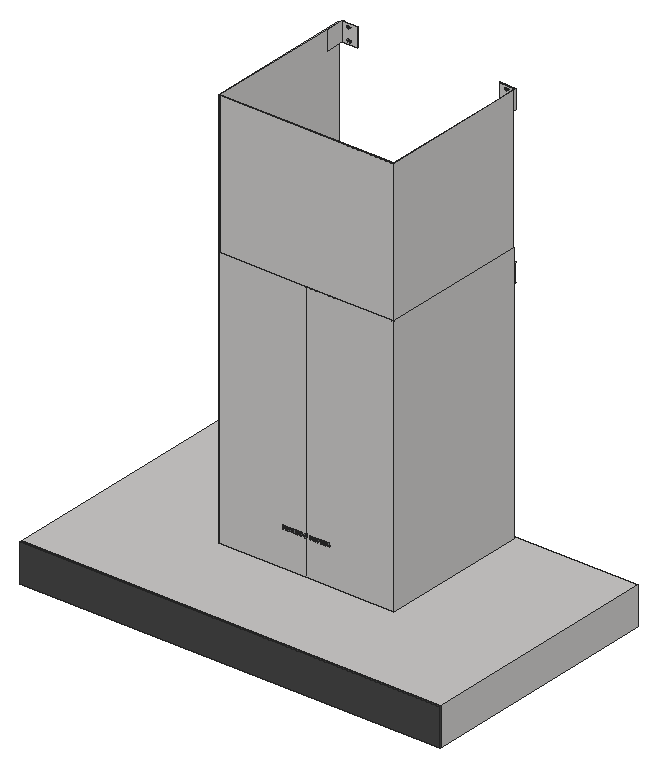
Revit family "FP-en-Revit19-HC90BCX3-Rangehood-0-90003188A-HK-SG", category Specialty Equipment, Revit 2019
Family settings
  Round Connector Dimension = Use Diameter
  Part Type = Normal
  OmniClass Number = 23.40.40.00
  OmniClass Title = Food Service Equipment and Furnishings
  Work Plane-Based = No
  Always vertical = Yes
  Cut with Voids When Loaded = Yes
  Shared = No
  Room Calculation Point = No
Parameters
  Visibility - Upper Chimney Extension [instance] = yes
  URL = "www.fisherpaykel.com"
  Product - Width = 895 mm  # constant formula
  Product - Height (620mm - 935mm) [instance] = 935 mm
  Product - Depth = 531 mm  # constant formula
  Model = "HC90BCX3"
  Material - Glass = Fisher & Paykel - Black
  Material - Body = Fisher & Paykel - Stainless Steel
  Manufacturer = "Fisher & Paykel Appliances"
  FFL Offset [instance] = 1565 mm
  Description = "90cm Rangehood"
  Connector Description - Extraction = "180mm Semi Rigid Rangehood Ducting, 650Pa"
  Connector Description - Electrical = "220 V, 50 Hz,  222 W"
  Chassis - Width = 375 mm  # constant formula
  Chassis - Height = 635 mm  # constant formula
  Chassis - Depth = 327 mm  # constant formula
Reference planes
  plane 1 "Datum": y = 0
  plane 2: z = 0
  plane 3 "Center (Left/Right)": x = 0
  plane 4 "Product LHS": x = -447.5
  plane 5 "Product RHS": x = 447.5
  plane 6 "Cavity LHS": x = -187.5
  plane 7 "Cavity RHS": x = 187.5
  plane 8 "Chassis - Depth": y = -327
  plane 9 "FFL Offset": z = 1565
  plane 10 "Product - Height": z = 2500
  plane 11 "Product - Depth": y = -531
  plane 12 "Angle": through (4267.2, -188.091, 1674.974) normal (0, 0.9962, -0.0872)
  plane 13 "Angle": through (4267.2, -188.091, 907.974) normal (0, 0.9962, -0.0872)
  plane 14 "Chassis - Height": z = 2200
Forms (mm)
  Extrusion 1, solid, material "Fisher & Paykel - Stainless Steel" <- "Material - Body"
    sketch origin (0, 0, 0) x (1, 0, 0) y (0, 1, 0)
      loop
        line (-167.5, -8) -> (-187.5, -8) -> (-187.5, -327) -> (0, -327) -> (187.5, -327) -> (187.5, -8) -> (167.5, -8) -> (167.5, -9) -> (186.5, -9) -> (186.5, -326) -> (-186.5, -326) -> (-186.5, -9) -> (-167.5, -9) -> (-167.5, -8)
    from 1645 to 2200
  Extrusion 2, solid, material "Fisher & Paykel - Stainless Steel" <- "Material - Body", visible <- "Visibility - Upper Chimney Extension"
    sketch origin (0, 0, 0) x (1, 0, 0) y (0, 1, 0)
      loop
        line (-185.5, -9) -> (-186.5, -9) -> (-186.5, -326) -> (186.5, -326) -> (186.5, -9) -> (185.5, -9) -> (185.5, -325.044) -> (-185.5, -325.044) -> (-185.5, -9)
    from 2141 to 2500
  Extrusion 3, solid, material "Fisher & Paykel - Stainless Steel" <- "Material - Body"
    sketch origin (0, 0, 0) x (1, 0, 0) y (0, 1, 0)
      loop
        line (185.5, -9) -> (-185.5, -9) -> (-185.5, -325.044) -> (185.5, -325.044) -> (185.5, -9)
    from 1645 to 2118
  Extrusion 4, solid, material "Fisher & Paykel - Stainless Steel" <- "Material - Body", detail levels medium+fine
    sketch origin (0, 0, 0) x (1, 0, 0) y (0, 1, 0)
      loop
        circle (-76.5, -135.5) r 92
      loop
        circle (-76.5, -135.5) r 90.782
    from 2174 to 2200
  Extrusion 5, solid, material "Fisher & Paykel - Stainless Steel" <- "Material - Body", detail levels medium+fine
    sketch origin (0, 0, 0) x (1, 0, 0) y (0, 0, 1)
      loop
        line (-185.5, 2500) -> (-185.5, 2460) -> (-150.9, 2460) -> (-150.9, 2500) -> (-185.5, 2500)
      loop
        arc (-170.646, 2495.75) -> (-173.396, 2493) -> (-170.646, 2490.25) r 2.75
        line (-170.646, 2490.25) -> (-166.162, 2490.25)
        arc (-166.162, 2490.25) -> (-163.412, 2493) -> (-166.162, 2495.75) r 2.75
        line (-166.162, 2495.75) -> (-170.646, 2495.75)
      loop
        arc (-170.646, 2469.75) -> (-173.396, 2467) -> (-170.646, 2464.25) r 2.75
        line (-170.646, 2464.25) -> (-166.162, 2464.25)
        arc (-166.162, 2464.25) -> (-163.412, 2467) -> (-166.162, 2469.75) r 2.75
        line (-166.162, 2469.75) -> (-170.646, 2469.75)
      loop
        line (185.5, 2500) -> (150.9, 2500) -> (150.9, 2460) -> (185.5, 2460) -> (185.5, 2500)
      loop
        line (170.646, 2495.75) -> (166.162, 2495.75)
        arc (166.162, 2495.75) -> (163.412, 2493) -> (166.162, 2490.25) r 2.75
        line (166.162, 2490.25) -> (170.646, 2490.25)
        arc (170.646, 2490.25) -> (173.396, 2493) -> (170.646, 2495.75) r 2.75
      loop
        line (170.646, 2469.75) -> (166.162, 2469.75)
        arc (166.162, 2469.75) -> (163.412, 2467) -> (166.162, 2464.25) r 2.75
        line (166.162, 2464.25) -> (170.646, 2464.25)
        arc (170.646, 2464.25) -> (173.396, 2467) -> (170.646, 2469.75) r 2.75
    from 1 to 0
  Extrusion 6, solid, material "Fisher & Paykel - Stainless Steel" <- "Material - Body"
    sketch origin (0, 0, 0) x (1, 0, 0) y (0, 1, 0)
      loop
        circle (8.657, -222.264) r 3
    from 2174 to 2200
  Extrusion 7, void
    sketch origin (0, 0, 0) x (0, 1, 0) y (0, 0, 1)
      loop
        line (-348.926, 1618.465) -> (-467.5, 1573) -> (-20.5, 1573) -> (-38.279, 1591.287) -> (-348.926, 1618.465)
    from -413 to 413
  Extrusion 8, solid, material "Fisher & Paykel - Stainless Steel" <- "Material - Body"
    sketch origin (0, 0, 0) x (0, 1, 0) y (0, 0, 1)
      loop
        line (-3, 1565) -> (-3, 1645) -> (-527, 1645) -> (-527, 1565) -> (-3, 1565)
    from -447.5 to 447.5
  Extrusion 9, solid, material "Fisher & Paykel - Black" <- "Material - Glass", detail levels medium+fine
    sketch origin (0, 0, 567) x (0, 1, 0) y (0, 0, 1)
      loop
        line (-527, 1078) -> (-531, 1078) -> (-531, 998) -> (-527, 998) -> (-527, 1078)
    from -447.5 to 447.5
  Extrusion 10, solid, material "Fisher & Paykel - Stainless Steel" <- "Material - Body", detail levels fine
    sketch origin (0, 0, 567) x (0, 1, 0) y (0, 0, 1)
      loop
        line (-46.99, 1023.976) -> (-71.928, 1026.158) -> (-71.928, 1014.855) -> (-48.3, 975) -> (-5, 975) -> (-5, 996) -> (-21.8, 996) -> (-46.99, 1023.976)
    from -206 to 206
  Extrusion 11, void
    sketch origin (0, 0, 0) x (1, 0, 0) y (0, 1, 0)
      loop
        arc (-381.3, -20.5) -> (-402.513, -29.287) -> (-411.3, -50.5) r 30
        line (-411.3, -50.5) -> (-411.3, -437.5)
        arc (-411.3, -437.5) -> (-402.513, -458.713) -> (-381.3, -467.5) r 30
        line (-381.3, -467.5) -> (382.3, -467.5)
        arc (382.3, -467.5) -> (402.806, -459.006) -> (411.3, -438.5) r 29
        line (411.3, -438.5) -> (411.3, -50.5)
        arc (411.3, -50.5) -> (402.513, -29.287) -> (381.3, -20.5) r 30
        line (381.3, -20.5) -> (-381.3, -20.5)
    from 1565 to 1573
  Extrusion 12, void
    sketch origin (0, 0, 0) x (0, 1, 0) y (0, 0, 1)
      loop
        line (-316.067, 1615.59) -> (-67.749, 1593.865) -> (-188.091, 1672.974) -> (-316.067, 1615.59)
    from -172 to 172
  Extrusion 13, solid, material "Fisher & Paykel - Stainless Steel" <- "Material - Body", detail levels medium+fine
    sketch origin (0, 0, 2) x (1, 0, 0) y (0, 0, 1)
      loop
        circle (400, 1608.777) r 9.985
      loop
        circle (400, 1608.777) r 4.003
      loop
        circle (-400, 1608.777) r 9.985
      loop
        circle (-400, 1608.777) r 4.003
    from 0 to 3
  Extrusion 14, solid, material "Fisher & Paykel - Stainless Steel" <- "Material - Body", detail levels medium+fine
    sketch origin (0, 0, 0) x (1, 0, 0) y (0, 0, 1)
      loop
        circle (-112, 2150) r 5.949
      loop
        circle (-112, 2150) r 2.5
      loop
        circle (-162, 2150) r 5.949
      loop
        circle (-162, 2150) r 2.5
      loop
        circle (112, 2150) r 5.949
      loop
        circle (112, 2150) r 2.5
      loop
        circle (162, 2150) r 5.949
      loop
        circle (162, 2150) r 2.5
    from 0 to 3.8
  Extrusion 15, solid, material "Fisher & Paykel - Bezel White", detail levels fine
    sketch origin (0, 0, 567) x (0, 1, 0) y (0, 0, 1)
      loop
        line (-365.916, 1045.974) -> (-420.089, 1025.202) -> (-419.471, 1023.59) -> (-365.298, 1044.362) -> (-365.916, 1045.974)
    from -110 to 110
  Extrusion 16, solid, material "Fisher & Paykel - Stainless Steel" <- "Material - Body", detail levels fine
    sketch origin (0, -282.861, 591.747) x (0, 0.087156, 0.996195) y (1, 0, 0)
      loop
        line (1087.364, 172) -> (1017.053, 172) -> (1087.364, 113.002) -> (1087.364, 172)
      loop
        line (1087.364, -172) -> (1087.364, -113.002) -> (1017.053, -172) -> (1087.364, -172)
    from -125 to 125
  Extrusion 17, solid, material "Fisher & Paykel - Black" <- "Material - Glass", not visible, detail levels medium+fine
    sketch origin (0, 0, -200) x (0, 1, 0) y (0, 0, 1)
      loop
        line (-527, 1078) -> (-531, 1078) -> (-531, 998) -> (-527, 998) -> (-527, 1078)
    from -447.5 to 447.5
  Extrusion 18, solid, material "Fisher & Paykel - Stainless Steel" <- "Material - Body", not visible, detail levels fine
    sketch origin (0, 0, -200) x (0, 1, 0) y (0, 0, 1)
      loop
        line (-46.99, 1023.976) -> (-71.928, 1026.158) -> (-71.928, 1014.855) -> (-48.3, 975) -> (-5, 975) -> (-5, 996) -> (-21.8, 996) -> (-46.99, 1023.976)
    from -206 to 206
  Extrusion 19, solid, material "Fisher & Paykel - Stainless Steel" <- "Material - Body", not visible, detail levels medium+fine
    sketch origin (0, 0, -765) x (1, 0, 0) y (0, 0, 1)
      loop
        circle (400, 1608.777) r 9.985
      loop
        circle (400, 1608.777) r 4.003
      loop
        circle (-400, 1608.777) r 9.985
      loop
        circle (-400, 1608.777) r 4.003
    from 0 to 3
  Extrusion 20, solid, material "Fisher & Paykel - Bezel White", not visible, detail levels fine
    sketch origin (0, 0, -200) x (0, 1, 0) y (0, 0, 1)
      loop
        line (-365.916, 1045.974) -> (-420.089, 1025.202) -> (-419.471, 1023.59) -> (-365.298, 1044.362) -> (-365.916, 1045.974)
    from -110 to 110
  Extrusion 21, solid, material "Fisher & Paykel - Stainless Steel" <- "Material - Body", not visible, detail levels fine
    sketch origin (0, -282.861, -175.253) x (0, 0.087156, 0.996195) y (1, 0, 0)
      loop
        line (1087.364, 172) -> (1017.053, 172) -> (1087.364, 113.002) -> (1087.364, 172)
      loop
        line (1087.364, -172) -> (1087.364, -113.002) -> (1017.053, -172) -> (1087.364, -172)
    from -125 to 125
  Extrusion 22, solid, material "Fisher & Paykel - Stainless Steel" <- "Material - Body", detail levels fine
    sketch origin (0, 0, 0) x (1, 0, 0) y (0, 1, 0)
      loop
        line (174, -29) -> (26, -29) -> (26, -302) -> (174, -302) -> (174, -29)
    from 2118 to 2180
  Extrusion 23, solid, material "Fisher & Paykel - Stainless Steel" <- "Material - Body", detail levels fine
    sketch origin (0, 0, 0) x (1, 0, 0) y (0, 1, 0)
      loop
        line (-170.5, -32) -> (-170.5, -239) -> (17.5, -239) -> (17.5, -32) -> (-170.5, -32)
    from 2118 to 2174
  Extrusion 24, solid, material "Fisher & Paykel - Stainless Steel" <- "Material - Body", detail levels medium+fine
    sketch origin (0, 0, 0) x (1, 0, 0) y (0, 1, 0)
      loop
        line (-185.5, -40) -> (-184.5, -40) -> (-184.5, -1) -> (-185.5, -1) -> (-185.5, -40)
      loop
        line (185.5, -40) -> (185.5, -1) -> (184.5, -1) -> (184.5, -40) -> (185.5, -40)
    from 2460 to 2500
  Extrusion 25, solid, material "Fisher & Paykel - Stainless Steel" <- "Material - Body", detail levels medium+fine
    sketch origin (0, 0, 0) x (0, 1, 0) y (0, 0, 1)
      loop
        line (-0.869, 2168.577) -> (-1.908, 2169.177) -> (-5, 2163.5) -> (-5, 2134.5) -> (-1.899, 2128.806) -> (-0.859, 2129.406) -> (-3.8, 2134.5) -> (-3.8, 2163.5) -> (-0.869, 2168.577)
    from -185 to 185
Cuts and joins
  Extrusion 7 cuts Extrusion 1
  Extrusion 7, Extrusion 12 cuts Extrusion 3
  Extrusion 7, Extrusion 11, Extrusion 12 cuts Extrusion 8
  joined: Extrusion 3, Extrusion 8
  joined: Extrusion 5, Extrusion 24
Text (mm)
  text "Due to ongoing product development, product details are subject to change without notice. \nPlease always refer to www.fisherpaykel.com for the most current product information. \n© Fisher & Paykel 2020" at (41.04, -1225.549, 0), in view "Ref. Level (Plan)"
Dimensions and locks
  equal spacing: plane 4 "Product LHS", plane 3 "Center (Left/Right)", plane 5 "Product RHS"
  equal spacing: plane 6 "Cavity LHS", plane 3 "Center (Left/Right)", plane 7 "Cavity RHS"
  locked: Extrusion 1 sketch curve to Extrusion 1 sketch curve at 1  (x3)
  locked: Extrusion 3 to plane 9 "FFL Offset" at 553
  "Product - Height (620mm - 935mm)": plane 10 "Product - Height" to plane 9 "FFL Offset"
  "FFL Offset": plane 9 "FFL Offset" to level
  "Product - Width": plane 4 "Product LHS" to plane 5 "Product RHS"
  "Chassis - Depth": plane 8 "Chassis - Depth" to plane 1 "Datum"
  "Chassis - Width": plane 6 "Cavity LHS" to plane 7 "Cavity RHS"
  equal spacing: Extrusion 11 sketch curve, plane 3 "Center (Left/Right)", Extrusion 11 sketch curve
  locked: Extrusion 11 sketch curve to Extrusion 11 sketch curve at 822.6
  equal spacing: cut or joined group of Extrusion 3, Extrusion 7, Extrusion 8, Extrusion 11, Extrusion 12, plane 3 "Center (Left/Right)", cut or joined group of Extrusion 3, Extrusion 7, Extrusion 8, Extrusion 11, Extrusion 12
  locked: cut or joined group of Extrusion 3, Extrusion 7, Extrusion 8, Extrusion 11, Extrusion 12 to cut or joined group of Extrusion 3, Extrusion 7, Extrusion 8, Extrusion 11, Extrusion 12 at 826
  "Product - Depth": plane 11 "Product - Depth" to plane 1 "Datum"
  locked: Extrusion 2 to plane 10 "Product - Height" at 359
  locked: cut or joined group of Extrusion 3, Extrusion 7, Extrusion 8, Extrusion 11, Extrusion 12 to plane 1 "Datum" at 3
  locked: Extrusion 5 to plane 10 "Product - Height" at 40
  plane 9 "FFL Offset" to Extrusion 13 = 45.777 mm
  locked: Extrusion 7 sketch curve to plane 1 "Datum" at 20.5
  locked: Extrusion 7 sketch curve to plane 1 "Datum" at 38.279
  locked: Extrusion 7 sketch curve to plane 1 "Datum" at 348.926
  locked: Extrusion 7 sketch curve to plane 1 "Datum" at 467.5
  locked: Extrusion 7 sketch curve to plane 9 "FFL Offset" at 8  (x2)
  locked: Extrusion 7 sketch curve to plane 9 "FFL Offset" at 53.465
  locked: Extrusion 7 sketch curve to plane 9 "FFL Offset" at 26.287
  locked: Extrusion 12 sketch curve to plane 9 "FFL Offset" at 50.59
  locked: Extrusion 12 sketch curve to plane 9 "FFL Offset" at 28.865
  locked: Extrusion 12 sketch curve to plane 9 "FFL Offset" at 107.974
  locked: Extrusion 12 sketch curve to plane 1 "Datum" at 67.749
  locked: Extrusion 12 sketch curve to plane 1 "Datum" at 316.067
  locked: cut or joined group of Extrusion 3, Extrusion 7, Extrusion 8, Extrusion 11, Extrusion 12 to plane 9 "FFL Offset" at 80
  equal spacing: Extrusion 16, plane 12 "Angle", Extrusion 16
  locked: Extrusion 16 to Extrusion 16 at 250
  Extrusion 16 to cut or joined group of Extrusion 3, Extrusion 7, Extrusion 8, Extrusion 11, Extrusion 12 = 70.311 mm
  Extrusion 16 to plane 9 "FFL Offset" = 120.868 mm
  Extrusion 16 to plane 9 "FFL Offset" = 99.079 mm
  locked: nested 1 to plane 9 "FFL Offset" at 156.109
  plane 9 "FFL Offset" to Extrusion 10 = 23 mm
  "Chassis - Height": plane 14 "Chassis - Height" to plane 9 "FFL Offset"
  locked: plane 14 "Chassis - Height" to Extrusion 22 at 20
  locked: plane 14 "Chassis - Height" to Extrusion 23 at 26
  aligned and locked: level to plane 2
  aligned and locked: Extrusion 1 sketch curve to plane 6 "Cavity LHS"
  aligned and locked: plane 7 "Cavity RHS" to Extrusion 1 sketch curve
  aligned and locked: plane 8 "Chassis - Depth" to Extrusion 1 sketch curve
  aligned and locked: plane 4 "Product LHS" to Extrusion 8
  aligned and locked: Extrusion 8 to plane 5 "Product RHS"
  aligned and locked: plane 4 "Product LHS" to Extrusion 9
  aligned and locked: Extrusion 9 to plane 5 "Product RHS"
  aligned and locked: Extrusion 2 to plane 10 "Product - Height"
  aligned and locked: Extrusion 6 to Extrusion 4
  aligned and locked: Extrusion 11 to plane 9 "FFL Offset"
  aligned and locked: Extrusion 5 to plane 1 "Datum"
  aligned and locked: cut or joined group of Extrusion 1, Extrusion 7 to cut or joined group of Extrusion 1, Extrusion 7
  aligned and locked: Extrusion 13 to plane 1 "Datum"
  aligned and locked: Extrusion 13 to cut or joined group of Extrusion 3, Extrusion 7, Extrusion 8, Extrusion 11, Extrusion 12
  aligned and locked: Extrusion 14 to plane 1 "Datum"
  aligned and locked: Extrusion 5 to plane 10 "Product - Height"
  aligned and locked: cut or joined group of Extrusion 3, Extrusion 7, Extrusion 8, Extrusion 11, Extrusion 12 to Extrusion 2  (x3)
  aligned and locked: cut or joined group of Extrusion 3, Extrusion 7, Extrusion 8, Extrusion 11, Extrusion 12 to cut or joined group of Extrusion 1, Extrusion 7
  aligned and locked: cut or joined group of Extrusion 1, Extrusion 7 to Extrusion 4
  aligned and locked: Extrusion 7 to cut or joined group of Extrusion 3, Extrusion 7, Extrusion 8, Extrusion 11, Extrusion 12
  aligned and locked: Extrusion 11 to Extrusion 7
  aligned and locked: Extrusion 8 to Extrusion 11
  aligned and locked: cut or joined group of Extrusion 1, Extrusion 7 to Extrusion 9
  aligned and locked: plane 14 "Chassis - Height" to cut or joined group of Extrusion 1, Extrusion 7
  aligned and locked: Extrusion 9 to plane 9 "FFL Offset"
  aligned and locked: cut or joined group of Extrusion 3, Extrusion 7, Extrusion 8, Extrusion 11, Extrusion 12 to Extrusion 9
  aligned and locked: Extrusion 16 to cut or joined group of Extrusion 3, Extrusion 7, Extrusion 8, Extrusion 11, Extrusion 12
  aligned and locked: cut or joined group of Extrusion 3, Extrusion 7, Extrusion 8, Extrusion 11, Extrusion 12 to cut or joined group of Extrusion 3, Extrusion 7, Extrusion 8, Extrusion 11, Extrusion 12
  aligned and locked: Extrusion 23 to cut or joined group of Extrusion 3, Extrusion 7, Extrusion 8, Extrusion 11, Extrusion 12
  aligned and locked: Extrusion 4 to Extrusion 23
  aligned and locked: Extrusion 6 to Extrusion 23
  aligned and locked: Extrusion 22 to cut or joined group of Extrusion 3, Extrusion 7, Extrusion 8, Extrusion 11, Extrusion 12
  aligned and locked: Extrusion 24 to Extrusion 5
  aligned and locked: Extrusion 24 to plane 10 "Product - Height"
Automatic sketch dimensions
  Extrusion 2 sketch curve to plane 6 "Cavity LHS" = 1 mm
  Extrusion 2 sketch curve to Extrusion 2 sketch curve = 1 mm
  plane 7 "Cavity RHS" to Extrusion 2 sketch curve = 2 mm
  plane 7 "Cavity RHS" to Extrusion 2 sketch curve = 1 mm
  plane 8 "Chassis - Depth" to Extrusion 2 sketch curve = 1 mm
  Extrusion 2 sketch curve to Extrusion 2 sketch curve = 0.956 mm
  plane 1 "Datum" to Extrusion 2 sketch curve = 9 mm  (x2)
  Extrusion 3 sketch curve to plane 6 "Cavity LHS" = 2 mm
  plane 7 "Cavity RHS" to Extrusion 3 sketch curve = 2 mm
  plane 8 "Chassis - Depth" to Extrusion 3 sketch curve = 1.956 mm
  plane 1 "Datum" to Extrusion 3 sketch curve = 9 mm
  plane 3 "Center (Left/Right)" to Extrusion 6 sketch curve = 8.657 mm
  plane 8 "Chassis - Depth" to Extrusion 6 sketch curve = 104.736 mm
  Extrusion 11 sketch curve to Extrusion 11 sketch curve = 30 mm  (x3)
  plane 5 "Product RHS" to Extrusion 11 sketch curve = 65.2 mm
  plane 11 "Product - Depth" to Extrusion 11 sketch curve = 63.5 mm
  plane 1 "Datum" to Extrusion 11 sketch curve = 50.5 mm
  Extrusion 1 sketch curve to plane 3 "Center (Left/Right)" = 0 mm
  Extrusion 1 sketch curve to Extrusion 1 sketch curve = 19 mm  (x2)
  plane 1 "Datum" to Extrusion 1 sketch curve = 8 mm
  plane 1 "Datum" to Extrusion 1 sketch curve = 9 mm
  Extrusion 1 sketch curve to Extrusion 1 sketch curve = 1 mm  (x2)
  plane 9 "FFL Offset" to Extrusion 8 sketch curve = 0 mm
  plane 1 "Datum" to Extrusion 8 sketch curve = 3 mm
  plane 11 "Product - Depth" to Extrusion 8 sketch curve = 4 mm
  Extrusion 8 sketch curve to Extrusion 8 sketch curve = 80 mm
  Extrusion 9 sketch curve to Extrusion 9 sketch curve = 4 mm
  Extrusion 9 sketch curve to Extrusion 9 sketch curve = 80 mm
  Extrusion 13 sketch curve to Extrusion 13 sketch curve = 0 mm  (x9)
  Extrusion 13 sketch curve to Extrusion 13 sketch curve = 800 mm
  Extrusion 12 sketch curve to Extrusion 12 sketch curve = 120.342 mm
  Extrusion 15 sketch curve to Extrusion 15 sketch curve = 0.618 mm
  Extrusion 9 sketch curve to plane 12 "Angle" = 338.991 mm
  Extrusion 15 sketch curve to plane 12 "Angle" = 223.901 mm
  Extrusion 15 sketch curve to Extrusion 15 sketch curve = 54.173 mm
  Extrusion 15 sketch curve to Extrusion 15 sketch curve = 1.612 mm
  Extrusion 17 sketch curve to Extrusion 17 sketch curve = 4 mm
  Extrusion 17 sketch curve to Extrusion 17 sketch curve = 80 mm
  Extrusion 19 sketch curve to Extrusion 19 sketch curve = 0 mm  (x9)
  Extrusion 19 sketch curve to Extrusion 19 sketch curve = 800 mm
  Extrusion 17 sketch curve to plane 13 "Angle" = 338.991 mm
  plane 12 "Angle" to Extrusion 10 sketch curve = 122.853 mm
  Extrusion 10 sketch curve to Extrusion 10 sketch curve = 23.628 mm
  Extrusion 10 sketch curve to Extrusion 10 sketch curve = 24.938 mm
  Extrusion 10 sketch curve to Extrusion 10 sketch curve = 26.5 mm
  Extrusion 10 sketch curve to Extrusion 10 sketch curve = 16.8 mm
  Extrusion 10 sketch curve to Extrusion 10 sketch curve = 2.182 mm
  Extrusion 10 sketch curve to Extrusion 10 sketch curve = 11.303 mm
  Extrusion 10 sketch curve to Extrusion 10 sketch curve = 27.976 mm
  Extrusion 10 sketch curve to Extrusion 10 sketch curve = 21 mm
  plane 13 "Angle" to Extrusion 18 sketch curve = 122.853 mm
  Extrusion 18 sketch curve to Extrusion 18 sketch curve = 23.628 mm
  Extrusion 18 sketch curve to Extrusion 18 sketch curve = 24.938 mm
  Extrusion 18 sketch curve to Extrusion 18 sketch curve = 26.5 mm
  Extrusion 18 sketch curve to Extrusion 18 sketch curve = 16.8 mm
  Extrusion 18 sketch curve to Extrusion 18 sketch curve = 2.182 mm
  Extrusion 18 sketch curve to Extrusion 18 sketch curve = 11.303 mm
  Extrusion 18 sketch curve to Extrusion 18 sketch curve = 27.976 mm
  Extrusion 18 sketch curve to Extrusion 18 sketch curve = 21 mm
  Extrusion 16 sketch curve to Extrusion 16 sketch curve = 0 mm
  Extrusion 16 sketch curve to Extrusion 16 sketch curve = 70.311 mm  (x2)
  Extrusion 16 sketch curve to Extrusion 16 sketch curve = 58.998 mm  (x2)
  Extrusion 16 sketch curve to Extrusion 16 sketch curve = 226.004 mm
  plane 3 "Center (Left/Right)" to Extrusion 22 sketch curve = 26 mm
  plane 7 "Cavity RHS" to Extrusion 22 sketch curve = 13.5 mm
  plane 8 "Chassis - Depth" to Extrusion 22 sketch curve = 25 mm
  plane 1 "Datum" to Extrusion 22 sketch curve = 29 mm
  Extrusion 23 sketch curve to plane 6 "Cavity LHS" = 17 mm
  plane 3 "Center (Left/Right)" to Extrusion 23 sketch curve = 17.5 mm
  plane 8 "Chassis - Depth" to Extrusion 23 sketch curve = 88 mm
  plane 1 "Datum" to Extrusion 23 sketch curve = 32 mm
  Extrusion 4 sketch curve to Extrusion 4 sketch curve = 0 mm  (x2)
  Extrusion 4 sketch curve to plane 3 "Center (Left/Right)" = 76.5 mm
  plane 1 "Datum" to Extrusion 4 sketch curve = 135.5 mm
  Extrusion 5 sketch curve to plane 10 "Product - Height" = 0 mm  (x2)
  Extrusion 5 sketch curve to plane 6 "Cavity LHS" = 2 mm
  Extrusion 5 sketch curve to Extrusion 5 sketch curve = 14.854 mm  (x2)
  Extrusion 5 sketch curve to Extrusion 5 sketch curve = 4.485 mm  (x4)
  Extrusion 5 sketch curve to Extrusion 5 sketch curve = 15.262 mm  (x3)
  plane 7 "Cavity RHS" to Extrusion 5 sketch curve = 36.6 mm
  plane 7 "Cavity RHS" to Extrusion 5 sketch curve = 2 mm
  plane 10 "Product - Height" to Extrusion 5 sketch curve = 4.25 mm  (x2)
  Extrusion 5 sketch curve to Extrusion 5 sketch curve = 2.75 mm  (x4)
  Extrusion 5 sketch curve to Extrusion 5 sketch curve = 20.5 mm  (x2)
  Extrusion 5 sketch curve to Extrusion 5 sketch curve = 4.25 mm  (x2)
  Extrusion 24 sketch curve to plane 6 "Cavity LHS" = 2 mm
  Extrusion 24 sketch curve to Extrusion 24 sketch curve = 1 mm  (x2)
  plane 1 "Datum" to Extrusion 24 sketch curve = 1 mm  (x2)
  plane 7 "Cavity RHS" to Extrusion 24 sketch curve = 3 mm
  Extrusion 24 sketch curve to Extrusion 24 sketch curve = 39 mm  (x2)
  plane 1 "Datum" to Extrusion 25 sketch curve = 5 mm
  Extrusion 25 sketch curve to Extrusion 25 sketch curve = 1.2 mm
  plane 1 "Datum" to Extrusion 25 sketch curve = 1.899 mm
  plane 1 "Datum" to Extrusion 25 sketch curve = 0.859 mm
  Extrusion 25 sketch curve to plane 14 "Chassis - Height" = 71.194 mm
  Extrusion 25 sketch curve to Extrusion 25 sketch curve = 0.6 mm  (x2)
  Extrusion 25 sketch curve to Extrusion 25 sketch curve = 0 mm  (x2)
  Extrusion 25 sketch curve to Extrusion 25 sketch curve = 29 mm
  plane 1 "Datum" to Extrusion 25 sketch curve = 1.908 mm
  plane 1 "Datum" to Extrusion 25 sketch curve = 0.869 mm
  Extrusion 14 sketch curve to Extrusion 14 sketch curve = 0 mm  (x8)
  Extrusion 14 sketch curve to plane 6 "Cavity LHS" = 25.5 mm
  Extrusion 14 sketch curve to Extrusion 14 sketch curve = 50 mm
  plane 7 "Cavity RHS" to Extrusion 14 sketch curve = 75.5 mm
  plane 7 "Cavity RHS" to Extrusion 14 sketch curve = 25.5 mm
  Extrusion 14 sketch curve to plane 14 "Chassis - Height" = 50 mm  (x4)
  radius of Extrusion 6 sketch curve = 3 mm
  radius of Extrusion 13 sketch curve = 9.985 mm  (x2)
  radius of Extrusion 13 sketch curve = 4.003 mm  (x2)
  radius of Extrusion 19 sketch curve = 9.985 mm  (x2)
  radius of Extrusion 19 sketch curve = 4.003 mm  (x2)
  radius of Extrusion 4 sketch curve = 92 mm
  radius of Extrusion 4 sketch curve = 90.782 mm
  radius of Extrusion 14 sketch curve = 5.949 mm  (x4)
  radius of Extrusion 14 sketch curve = 2.5 mm  (x4)
Nested families
  nested 1: "F&P Logo 100mm" at (0.236, -327, 1721.109), type "Grey"
Connectors
  hvac at (-76.5, -135.5, 2200), driven by "Connector Description - Extraction"
    settings: on Extrusion 4, index 1, duct flow 0.0 L/s, flow factor 0, pres drop 0.0 Pa, loss coef 0, conn angle 0.00°, conn width 304.8 mm, conn height 304.8 mm, conn diameter 180 mm, duct sys type 3, conn prof type 0, flow config 0, flow direction 2, loss method 0, conn ref index -1, conn util no, is conn primary yes, conn desc "180mm Semi Rigid Rangehood Ducting, 650Pa"
  electrical at (8.657, -222.264, 2200), driven by "Connector Description - Electrical"
    settings: on Extrusion 6, index 2, voltage 220 V, apparent load 0 VA, apparent load phase1 0 VA, apparent load phase2 0 VA, apparent load phase3 0 VA, power factor 1, load classification "Other", number of poles 1, system type 30, power factor state 1, is connector primary yes, connector utility no, sub classification motor no, connector description "220 V, 50 Hz,  222 W"
Definition of nested family "F&P Logo 100mm"
  Parameters (values of type "Chrome")
    URL = "www.fisherpaykel.com"
    Material - Logo = none
    Manufacturer = "Fisher & Paykel Appliances"
  Types (3): name
    (no name)
    Chrome
    Grey
  Reference planes
    plane 1 "Center (Front/Back)": y = 0
    plane 2: z = 0
    plane 3 "Center (Left/Right)": x = 0
  Forms (mm)
    Extrusion 1, solid, material <- "Material - Logo", detail levels fine
      sketch origin (0, 0, 0) x (1, 0, 0) y (0, 0, 1)
        loop
          line (-50.044, 0) -> (-48.47, 0) -> (-48.47, 2.138) -> (-46.011, 2.138) -> (-46.011, 3.472) -> (-48.47, 3.472) -> (-48.47, 4.712) -> (-45.795, 4.712) -> (-45.795, 6.04) -> (-50.044, 6.04) -> (-50.044, 0)
        loop
          line (-42.804, 6.04) -> (-42.804, 0) -> (-41.23, 0) -> (-41.23, 6.04) -> (-42.804, 6.04)
        loop
          line (-30.724, 6.04) -> (-30.724, 0) -> (-29.151, 0) -> (-29.151, 2.42) -> (-26.839, 2.42) -> (-26.839, 0) -> (-25.265, 0) -> (-25.265, 6.04) -> (-26.839, 6.04) -> (-26.839, 3.748) -> (-29.151, 3.748) -> (-29.151, 6.04) -> (-30.724, 6.04)
        loop
          line (-21.906, 6.04) -> (-21.906, 0) -> (-17.602, 0) -> (-17.602, 1.328) -> (-20.347, 1.328) -> (-20.347, 2.42) -> (-17.838, 2.42) -> (-17.838, 3.748) -> (-20.347, 3.748) -> (-20.347, 4.712) -> (-17.602, 4.712) -> (-17.602, 6.04) -> (-21.906, 6.04)
        loop
          line (45.667, 6.04) -> (45.667, 0) -> (49.956, 0) -> (49.956, 1.328) -> (47.241, 1.328) -> (47.241, 6.04) -> (45.667, 6.04)
        loop
          line (42.431, 6.04) -> (38.112, 6.04) -> (38.112, 0) -> (42.431, 0) -> (42.431, 1.328) -> (39.687, 1.328) -> (39.687, 2.42) -> (42.195, 2.42) -> (42.195, 3.748) -> (39.687, 3.748) -> (39.687, 4.712) -> (42.431, 4.712) -> (42.431, 6.04)
        loop
          line (33.451, 3.148) -> (35.683, 6.04) -> (33.844, 6.04) -> (31.915, 3.542) -> (31.915, 6.04) -> (30.342, 6.04) -> (30.342, 0) -> (31.915, 0) -> (31.915, 2.705) -> (33.903, 0) -> (35.763, 0) -> (33.451, 3.148)
        loop
          line (21.98, 6.04) -> (24.262, 2.42) -> (24.262, 0) -> (25.837, 0) -> (25.837, 2.341) -> (28.119, 6.04) -> (26.446, 6.04) -> (25.099, 3.707) -> (23.753, 6.04) -> (21.98, 6.04)
        loop
          line (18.479, 6.04) -> (16.983, 6.04) -> (14.524, 0) -> (16.069, 0) -> (16.501, 1.112) -> (18.921, 1.112) -> (19.354, 0) -> (20.938, 0) -> (18.479, 6.04)
        loop
          line (18.4, 2.439) -> (17.693, 4.174) -> (17.018, 2.439) -> (18.4, 2.439)
        loop
          line (8.031, 6.04) -> (8.031, 0) -> (9.605, 0) -> (9.605, 1.938) -> (10.599, 1.938)
          arc (10.599, 1.938) -> (12.65, 3.989) -> (10.599, 6.04) r 2.051
          line (10.599, 6.04) -> (8.031, 6.04)
        loop
          line (9.605, 4.712) -> (9.605, 3.197) -> (10.501, 3.197)
          arc (10.501, 3.197) -> (11.259, 3.954) -> (10.501, 4.712) r 0.757
          line (10.501, 4.712) -> (9.605, 4.712)
        loop
          line (-11.783, 6.04) -> (-14.366, 6.04) -> (-14.366, 0) -> (-12.792, 0) -> (-12.792, 1.336) -> (-11.992, 1.336) -> (-10.972, 0) -> (-9.153, 0) -> (-10.694, 1.973)
          arc (-10.694, 1.973) -> (-9.678, 4.424) -> (-11.783, 6.04) r 2.179
        loop
          line (-11.897, 4.712) -> (-12.792, 4.712) -> (-12.792, 3.053) -> (-11.897, 3.053)
          arc (-11.897, 3.053) -> (-11.068, 3.882) -> (-11.897, 4.712) r 0.83
        loop
          line (0.477, 4.712) -> (0.477, 6.153) -> (-3.575, 6.153) -> (-3.575, 4.851) -> (-2.974, 4.112)
          arc (-2.974, 4.112) -> (-3.51, 0.684) -> (-0.045, 0.512) r 2.334
          line (-0.045, 0.512) -> (0.46, -0.109) -> (2.246, -0.109) -> (0.86, 1.594) -> (2.061, 3.324) -> (0.443, 3.324) -> (-0.013, 2.667) -> (-1.677, 4.712) -> (0.477, 4.712)
        loop
          arc (-2.125, 3.068) -> (-2.269, 1.668) -> (-0.868, 1.524) r 0.996
          line (-0.868, 1.524) -> (-2.125, 3.068)
        loop
          line (-35.18, 3.634) -> (-36.516, 3.91)
          arc (-36.516, 3.91) -> (-37.049, 4.443) -> (-36.516, 4.976) r 0.533
          arc (-36.516, 4.976) -> (-35.235, 4.79) -> (-34.059, 4.248) r 4.505
          line (-34.059, 4.248) -> (-34.059, 5.743)
          arc (-34.059, 5.743) -> (-35.549, 6.179) -> (-37.1, 6.109) r 4.726
          arc (-37.1, 6.109) -> (-38.536, 4.335) -> (-37.1, 2.561) r 1.814
          line (-37.1, 2.561) -> (-35.754, 2.282)
          arc (-35.754, 2.282) -> (-35.221, 1.749) -> (-35.754, 1.216) r 0.533
          arc (-35.754, 1.216) -> (-37.035, 1.402) -> (-38.211, 1.945) r 4.505
          line (-38.211, 1.945) -> (-38.211, 0.449)
          arc (-38.211, 0.449) -> (-36.72, 0.013) -> (-35.169, 0.083) r 4.726
          arc (-35.169, 0.083) -> (-33.734, 1.863) -> (-35.18, 3.634) r 1.814
      from 0 to 0.8
  Dimensions and locks
    aligned and locked: level to plane 2
